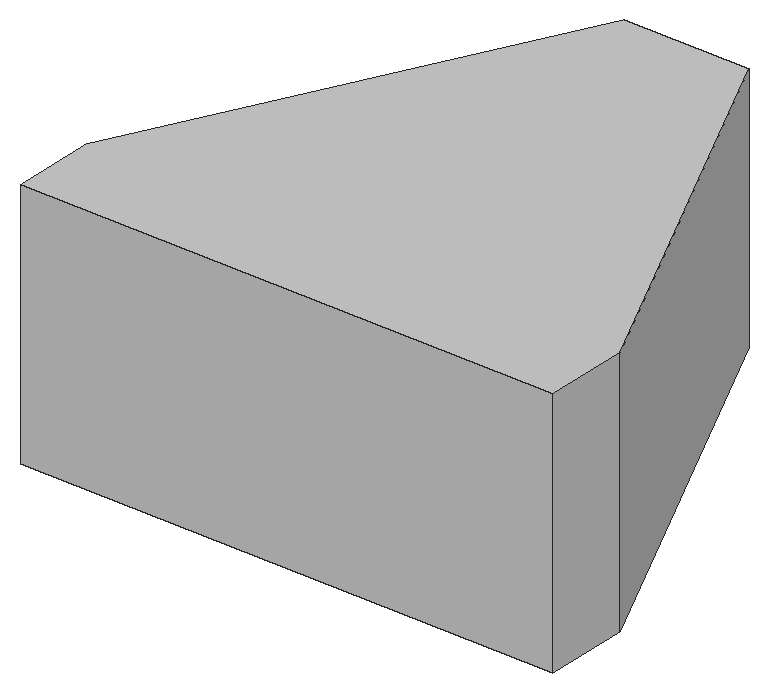
Revit family
Parameters (values of type "1500 x 1600 x 750mm")
  Width = 1600 mm
  두께 = 750 mm
  b = 0.75 * x  # 374.625 mm
  x = 0.333 * Length  # 499.5 mm
  Length = 1500 mm
  기초 재료 [instance] = 콘크리트 - 현장타설 콘크리트
Reference planes
  plane 1 "중심(앞/뒤)": y = 0
  plane 2: z = 0
  plane 3 "중심(왼쪽/오른쪽)": x = 0
  plane 4: z = -750
  plane 5: y = 1000.5
  plane 6: y = -499.5
  plane 7: x = -800
  plane 8: x = 800
  plane 9: x = -187.312
  plane 10: x = 187.313
  plane 11: y = -249.75
Forms (mm)
  Extrusion 1, solid, material "콘크리트 - 현장타설 콘크리트" <- "기초 재료"
    sketch origin (0, 0, 0) x (1, 0, 0) y (0, 1, 0)
      loop
        line (-800, -499.5) -> (800, -499.5) -> (800, -249.75) -> (187.313, 1000.5) -> (-187.312, 1000.5) -> (-800, -249.75) -> (-800, -499.5)
    from -750 to 0
Dimensions and locks
  "두께": plane 2 to plane 4
  "Length": plane 6 to plane 5
  equal spacing: plane 7, plane 3 "중심(왼쪽/오른쪽)", plane 8
  "Width": plane 7 to plane 8
  plane 6 to plane 1 "중심(앞/뒤)" = 499.5 mm
  equal spacing: plane 9, plane 3 "중심(왼쪽/오른쪽)", plane 10
  "x": plane 6 to plane 1 "중심(앞/뒤)"
  equal spacing: plane 6, plane 11, plane 1 "중심(앞/뒤)"
  "b": plane 9 to plane 10
  aligned and locked: plane 6 to Extrusion 1 sketch curve  (x2)
  aligned and locked: plane 9 to Extrusion 1 sketch curve
  aligned and locked: plane 10 to Extrusion 1 sketch curve
  aligned and locked: plane 5 to Extrusion 1 sketch curve
  aligned and locked: plane 4 to Extrusion 1
  aligned and locked: level to Extrusion 1
  aligned and locked: plane 11 to Extrusion 1 sketch curve  (x2)
  aligned and locked: Extrusion 1 sketch curve to plane 7
  aligned and locked: Extrusion 1 sketch curve to plane 8
